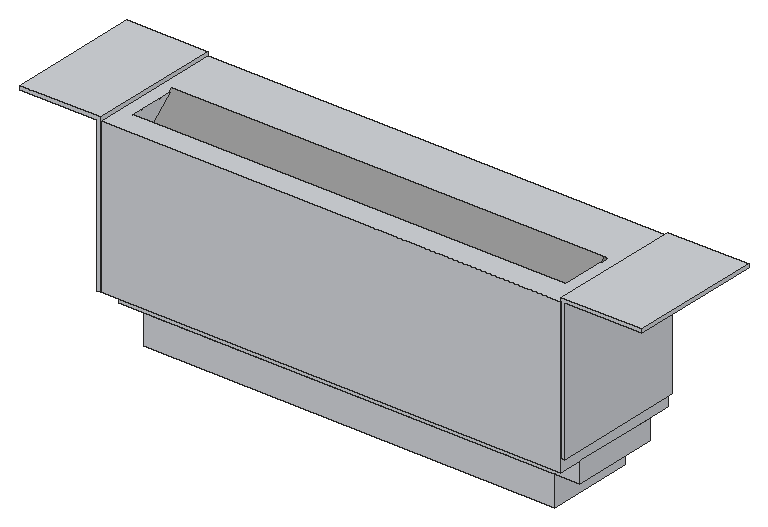
Revit family "2061262 Sylvania Lighting Fixture DOMINO 5xLED 930 OPAL AY TRIMLESS WHITE", category Lighting Fixtures, host Face, Revit 2018
Family settings
  Host = Face
  Round Connector Dimension = Use Diameter
  Part Type = Normal
  OmniClass Number = 23.80.70.00
  OmniClass Title = Lighting
  Cut with Voids When Loaded = No
  Light Source = Yes
  Shared = No
  Room Calculation Point = No
Parameters (values of type "2061262 DOMINO 5XLED 930 OPAL ASYM TS WHT ")
  top top width = 15.812 mm
  top top length = 123 mm
  Width = 50 mm
  Weight = "n/a"
  Wattage Comments = ""
  Wattage = 9.2903 W
  WarrantyStartDate [instance] = "n/a"
  WarrantyGuarantorParts = "n/a"
  WarrantyDurationUnit = "n/a"
  WarrantyDurationParts = ""
  WarrantyDescription = "http://www.sylvania-lighting.com"
  built-in parameter 1150110 = 1 (stored number, unit not read)
  Voltage = 0 V
  URL = "0.6"
  TypeName = "DOMINO 5xLED 930 OPAL AY TRIMLESS WHITE"
  Type Image = <None>
  Type Comments = "n/a"
  built-in parameter 1114217 = 1 (stored number, unit not read)
  Top Width = 26 mm
  Tilt Angle = 90.00°
  built-in parameter 1150109 = 1 (stored number, unit not read)
  built-in parameter 1150134 = 3
  built-in parameter 1150113 = 1 (stored number, unit not read)
  SerialNumber [instance] = "n/a"
  Recessed Width = 43 mm
  Recessed Length = 143 mm
  Photometric Web File = "2061262.ies"
  Material_3_FEILO = none
  PowerFactor = 0
  PowerConsumption = "Lighting"
  NominalLength = 41 mm
  NominalHeight = 0 mm
  NominalDepth = 0 mm
  Name = "DOMINO 5xLED 930 OPAL AY TRIMLESS WHITE"
  ModelReference = Name  # "DOMINO 5xLED 930 OPAL AY TRIMLESS WHITE"
  ModelNumber = "2061262"
  Model = Name  # "DOMINO 5xLED 930 OPAL AY TRIMLESS WHITE"
  Material = "Feilo Sylvania"
  ManufacturerName = "56 lm/W"
  Manufacturer = ""
  LuminousEfficacy = ""
  built-in parameter 1150105 = 109.82 (stored number, unit not read)
  Lumens = 1380 lm
  LuminaireType = "0"
  built-in parameter 1150115 = 1 (stored number, unit not read)
  LightOutputRatio = "LED"
  built-in parameter 1150137 = (empty or 0)
  built-in parameter 1150139 = (empty or 0)
  Lens inside recess = 25 mm
  Lens Width = 32 mm
  Lens Outside recess = 31.978 mm
  Lens = Glass, White, High Luminance
  Length = 148 mm
  LampsType = Lamp  # "n/a"
  LampNominalLuminous = "3000 K"
  LampMacAdamStep = "90"
  LampColourTemperature = "LED"
  LampColourRenderingIndex = "16500"
  built-in parameter 1150112 = 1 (stored number, unit not read)
  built-in parameter 1150114 = 1 (stored number, unit not read)
  Lamp = "n/a"
  Keynote = "n/a"
  InstallationDate [instance] = "n/a"
  InputVoltage = "0"
  InputNominalFrequency = "3000"
  built-in parameter 1150132 = (empty or 0)
  built-in parameter 1150102 = (empty or 0)
  built-in parameter 1150107 = 3200 (stored number, unit not read)
  built-in parameter 1150138 = (empty or 0)
  IngressProtection = "IfcLightFixtureType"
  ImpactProtectionIndex = "IfcLightFixtureType"
  built-in parameter 1150106 = 1.0982 (stored number, unit not read)
  IfcExportType = "IfcLightFixtureType"
  IfcExportAs = "Class II"
  Facia internal width = 37 mm
  Facia internal length = 135 mm
  Facia Height = 2 mm
  ExpectedLife = 50000
  ElectricShockClassification = "56"
  built-in parameter 1150104 = 13.8 (stored number, unit not read)
  DurationUnit = "hours"
  DocumentationLiterature = "http://www.sylvania-lighting.com/product/en-int/products/2061262"
  DimmingControlOptions = "n/a"
  Material_2_FEILO = none
  Dimming Lamp Color Temperature Shift = <None>
  Description = "Modular LED recessed linear spotlight, ideal for retail and hospitality applications. Die-cast aluminium body, passive cooling. Two levels of reflector installation, low glaring. 5x LED source, asymmetric beam angle , optics: PMMA lens and polycarbonate reflector combination, opaline diffuser. Light color temperature: 3000K warm white, total system power: 13W , total fixture lumen output: 720lm, efficacy: 56 lm/W, Ra90 typical, LED chromacity: 3 step MacAdam ellipse (SDCM3), lifespan: 96,000 hours at 90% of the original output (L90B10), IR/UV free light source without heat radiation, operating voltage: 220-240V / 50-60Hz, electronic driver, ultra low flicker, non-dimmable , electrical protection: Class II. Degree of Protection: IP40/IP20, suitable for indoor environment only. Ceiling cut-out: 42x42mm, outer dimensions:  144x41mm , trimless frame RAL 9016 - Traffic white / Bezel color.5 years Warranty."
  Default Elevation = 1219.2 mm
  CreatedOn = "23/02/2021"
  CreatedBy = "@sylvania-lighting.com"
  Cost = 0
  Color Filter = 16777215
  built-in parameter 1114216 [instance] = (empty or 0)
  ClassificationValue = "EF_70_80"
  ClassificationName = "Uniclass2015"
  Material_1_FEILO = none
  Body Width = 40 mm
  Body Length = 138 mm
  BarCode [instance] = "n/a"
  built-in parameter 1114218 = 1 (stored number, unit not read)
  built-in parameter 1150133 = 10 (stored number, unit not read)
  AssetType = "Fixed"
  AssetIdentifier [instance] = "n/a"
  Assembly Code = "D5020200"
  Apparent Load = 13 VA
  Material_4_FEILO = none
Reference planes
  plane 1 "Center (Front/Back)": y = 0
  plane 2: z = 0
  plane 3 "Center (Left/Right)": x = 0
  plane 4: z = 0
  plane 5: z = -7
  plane 6: z = -45.895
  plane 7: z = -51.895
  plane 8: z = -60.895
  plane 9: x = -71.5
  plane 10: x = 71.5
  plane 11: y = 21.5
  plane 12: y = -21.5
  plane 13: x = -74
  plane 14: x = 74
  plane 15: y = 25
  plane 16: y = -25
  plane 17: x = 67.5
  plane 18: x = -67.5
  plane 19: y = 18.5
  plane 20: y = -18.5
  plane 21: z = 2
  plane 22: x = -69
  plane 23: x = 69
  plane 24: y = 20
  plane 25: y = -20
  plane 26: y = 13
  plane 27: y = -13
  plane 28: x = 61.5
  plane 29: x = -61.5
  plane 30: x = -65.5
  plane 31: y = 16.5
  plane 32: y = -16.472
  plane 33: x = -40.5
  plane 34: x = -41
  plane 35: x = -65
  plane 36: y = 13
  plane 37: y = -12.972
  plane 38: x = -39.5
  plane 39: x = -14.48
  plane 40: x = -13.48
  plane 41: x = 11.52
  plane 42: x = 12.52
  plane 43: x = 37.52
  plane 44: x = 38.52
  plane 45: x = 64.5
  plane 46: x = -72.5
  plane 47: z = 1
  plane 48: x = -93
  plane 49: z = -42
  plane 50: x = -70
  plane 51: x = 93
  plane 52: x = 70
  plane 53: y = 6
  plane 54: y = -5.5
Forms (mm)
  Extrusion 1, solid, not visible, detail levels medium+fine
    sketch origin (4.2, 0, 0) x (1, 0, 0) y (0, 1, 0)
      loop
        line (-29.2, 34.5) -> (-29.2, -34.5) -> (20.8, -34.5) -> (20.8, 34.5) -> (-29.2, 34.5)
    from 0 to 1
  Extrusion 2, solid, not visible, detail levels medium+fine
    sketch origin (4.044, 0, 0) x (1, 0, 0) y (0, 1, 0)
      loop
        line (-29.2, 34.5) -> (-29.2, -34.5) -> (20.8, -34.5) -> (20.8, 34.5) -> (-29.2, 34.5)
    from 0 to 1
  Blend 3, solid, not visible, detail levels medium+fine
    base sketch origin (4.2, 0, 0) x (1, 0, 0) y (0, 1, 0)
      loop
        line (-29.2, 34.5) -> (-29.2, -34.5) -> (20.8, -34.5) -> (20.8, 34.5) -> (-29.2, 34.5)
    top sketch origin (4.2, 0, 0) x (1, 0, 0) y (0, 1, 0)
      loop
        line (-21.7, 28) -> (-21.7, -28) -> (13.3, -28) -> (13.3, 28) -> (-21.7, 28)
    from 1 to 3
  Extrusion 4, solid, not visible, detail levels medium+fine
    sketch origin (3.419, 0, 0) x (1, 0, 0) y (0, 1, 0)
      loop
        line (-29.2, 34.5) -> (-29.2, -34.5) -> (20.8, -34.5) -> (20.8, 34.5) -> (-29.2, 34.5)
    from 0 to 1
  Blend 5, solid, not visible, detail levels medium+fine
    base sketch origin (3.575, 0, 0) x (1, 0, 0) y (0, 1, 0)
      loop
        line (-29.2, 34.5) -> (-29.2, -34.5) -> (20.8, -34.5) -> (20.8, 34.5) -> (-29.2, 34.5)
    top sketch origin (3.575, 0, 0) x (1, 0, 0) y (0, 1, 0)
      loop
        line (-21.7, 28) -> (-21.7, -28) -> (13.3, -28) -> (13.3, 28) -> (-21.7, 28)
    from 1 to 3
  Extrusion 6, solid, not visible, detail levels medium+fine
    sketch origin (4.247, 0, 0) x (1, 0, 0) y (0, 1, 0)
      loop
        line (-29.2, 34.5) -> (-29.2, -34.5) -> (20.8, -34.5) -> (20.8, 34.5) -> (-29.2, 34.5)
    from 0 to 1
  Blend 7, solid, not visible, detail levels medium+fine
    base sketch origin (4.403, 0, 0) x (1, 0, 0) y (0, 1, 0)
      loop
        line (-29.2, 34.5) -> (-29.2, -34.5) -> (20.8, -34.5) -> (20.8, 34.5) -> (-29.2, 34.5)
    top sketch origin (4.403, 0, 0) x (1, 0, 0) y (0, 1, 0)
      loop
        line (-21.7, 28) -> (-21.7, -28) -> (13.3, -28) -> (13.3, 28) -> (-21.7, 28)
    from 1 to 3
  Extrusion 8, void, detail levels medium+fine
    sketch origin (4.2, 0, 0) x (0, 1, 0) y (1, 0, 0)
      loop
        line (21.5, -75.7) -> (21.5, 67.3) -> (-21.5, 67.3) -> (-21.5, -75.7) -> (21.5, -75.7)
    from -9.934 to 83.097
  Extrusion 9, solid, detail levels medium+fine
    sketch origin (4.2, 0, 0) x (1, 0, 0) y (0, 1, 0)
      loop
        line (-73.2, 20) -> (-73.2, -20) -> (64.8, -20) -> (64.8, 20) -> (-73.2, 20)
    from 0 to -45.895
  Extrusion 10, solid, detail levels medium+fine
    sketch origin (4.2, 0, 0) x (1, 0, 0) y (0, 1, 0)
      loop
        line (-73.2, 13) -> (-73.2, -13) -> (64.8, -13) -> (64.8, 13) -> (-73.2, 13)
    from -51.895 to -45.895
  Extrusion 11, solid, detail levels fine
    sketch origin (0, 0, 0) x (1, 0, 0) y (0, 0, 1)
      loop
        line (-61.5, -51.895) -> (-61.5, -60.895) -> (61.5, -60.895) -> (61.5, -51.895) -> (-61.5, -51.895)
    from -13 to 13
  Blend 12, void
    base sketch origin (109.343, -0.141, 0) x (0, 1, 0) y (-1, 0, 0)
      loop
        line (6.141, 174.343) -> (-15.422, 174.343) -> (-15.422, 44.843) -> (6.141, 44.843) -> (6.141, 174.343)
    top sketch origin (109.343, -0.141, 0) x (0, 1, 0) y (-1, 0, 0)
      loop
        line (-5.52, 174.343) -> (-6.359, 174.343) -> (-6.359, 44.843) -> (-5.52, 44.843) -> (-5.52, 174.343)
    from 3 to -7
  Extrusion 13, solid, detail levels coarse
    sketch origin (4.2, 0, 0) x (1, 0, 0) y (0, 1, 0)
      loop
        line (-97.2, 20) -> (-97.2, -20) -> (88.8, -20) -> (88.8, 20) -> (-97.2, 20)
    from 1 to -60.895
  Extrusion 14, solid, detail levels medium+fine
    sketch origin (0, 0, 0) x (1, 0, 0) y (0, 0, 1)
      loop
        line (-69, -45.895) -> (-69, 1) -> (-93, 1) -> (-93, 0) -> (-70, 0) -> (-70, -45.895) -> (-69, -45.895)
    from -20 to 20
  Extrusion 15, solid, detail levels medium+fine
    sketch origin (0, 0, 0) x (1, 0, 0) y (0, 0, 1)
      loop
        line (93, 1) -> (69, 1) -> (69, -42) -> (70, -42) -> (70, 0) -> (93, 0) -> (93, 1)
    from -20 to 20
  Extrusion 16, solid, material "Glass, White, High Luminance" <- "Lens", detail levels fine
    sketch origin (319, 1524, 1219.2) x (0, 1, 0) y (0, 0, 1)
      loop
        line (-1529.647, -1226.19) -> (-1521.485, -1219.19) -> (-1522.14, -1218.427) -> (-1530.302, -1225.426) -> (-1529.647, -1226.19)
    from -384 to -254.5
Cuts and joins
  Blend 12 cuts Extrusion 9
Dimensions and locks
  "Recessed Length": plane 9 to plane 10
  equal spacing: plane 9, plane 3 "Center (Left/Right)", plane 10
  "Length": plane 13 to plane 14
  equal spacing: plane 13, plane 3 "Center (Left/Right)", plane 14
  "Recessed Width": plane 11 to plane 12
  equal spacing: plane 11, plane 1 "Center (Front/Back)", plane 12
  "Width": plane 15 to plane 16
  equal spacing: plane 15, plane 1 "Center (Front/Back)", plane 16
  "Facia internal length": plane 18 to plane 17
  equal spacing: plane 18, plane 3 "Center (Left/Right)", plane 17
  "Facia internal width": plane 19 to plane 20
  equal spacing: plane 19, plane 1 "Center (Front/Back)", plane 20
  "Facia Height": plane 21 to host face
  "Body Length": plane 22 to plane 23
  equal spacing: plane 22, plane 3 "Center (Left/Right)", plane 23
  "Body Width": plane 24 to plane 25
  equal spacing: plane 24, plane 1 "Center (Front/Back)", plane 25
  "Top Width": plane 26 to plane 27
  equal spacing: plane 26, plane 1 "Center (Front/Back)", plane 27
  "top top length": plane 29 to plane 28
  equal spacing: plane 29, plane 3 "Center (Left/Right)", plane 28  (x2)
  plane 28 to plane 29 = 123 mm
  equal spacing: plane 28, plane 3 "Center (Left/Right)", plane 29
  aligned and locked: plane 2 to host face
  aligned and locked: level to host face
  aligned and locked: Extrusion 10 to plane 7
  aligned and locked: Extrusion 9 to plane 6
Automatic sketch dimensions
  Extrusion 1 sketch curve to Extrusion 1 sketch curve = 50 mm
  Extrusion 1 sketch curve to Extrusion 1 sketch curve = 69 mm
  Extrusion 2 sketch curve to Extrusion 2 sketch curve = 50 mm
  Extrusion 2 sketch curve to Extrusion 2 sketch curve = 69 mm
  Blend 3 sketch curve to Blend 3 sketch curve = 50 mm
  Blend 3 sketch curve to Blend 3 sketch curve = 69 mm
  Blend 3 sketch curve to Blend 3 sketch curve = 35 mm
  Blend 3 sketch curve to Blend 3 sketch curve = 56 mm
  Extrusion 4 sketch curve to Extrusion 4 sketch curve = 50 mm
  Extrusion 4 sketch curve to Extrusion 4 sketch curve = 69 mm
  Blend 5 sketch curve to Blend 5 sketch curve = 50 mm
  Blend 5 sketch curve to Blend 5 sketch curve = 69 mm
  Blend 5 sketch curve to Blend 5 sketch curve = 35 mm
  Blend 5 sketch curve to Blend 5 sketch curve = 56 mm
  Extrusion 6 sketch curve to Extrusion 6 sketch curve = 50 mm
  Extrusion 6 sketch curve to Extrusion 6 sketch curve = 69 mm
  Blend 7 sketch curve to Blend 7 sketch curve = 50 mm
  Blend 7 sketch curve to Blend 7 sketch curve = 69 mm
  Blend 7 sketch curve to Blend 7 sketch curve = 35 mm
  Blend 7 sketch curve to Blend 7 sketch curve = 56 mm
  host sketch curve to host sketch curve = 2438.4 mm  (x2)
  Extrusion 8 sketch curve to plane 9 = 0 mm
  Extrusion 8 sketch curve to plane 12 = 0 mm
  Extrusion 8 sketch curve to plane 11 = 0 mm
  Extrusion 8 sketch curve to plane 10 = 0 mm
  Extrusion 9 sketch curve to plane 22 = 0 mm
  Extrusion 9 sketch curve to plane 23 = 0 mm
  Extrusion 9 sketch curve to plane 25 = 0 mm
  Extrusion 9 sketch curve to plane 24 = 0 mm
  Extrusion 10 sketch curve to plane 22 = 0 mm
  Extrusion 10 sketch curve to plane 23 = 0 mm
  Extrusion 10 sketch curve to plane 27 = 0 mm
  Extrusion 10 sketch curve to plane 26 = 0 mm
  Extrusion 11 sketch curve to plane 8 = 0 mm
  Extrusion 11 sketch curve to plane 29 = 0 mm
  Extrusion 11 sketch curve to plane 28 = 0 mm
  Extrusion 11 sketch curve to plane 7 = 0 mm
  Extrusion 13 sketch curve to plane 13 = 19 mm
  plane 14 to Extrusion 13 sketch curve = 19 mm
  plane 16 to Extrusion 13 sketch curve = 5 mm
  Extrusion 13 sketch curve to plane 15 = 5 mm
  Extrusion 14 sketch curve to level = 0 mm
  Extrusion 14 sketch curve to plane 48 = 0 mm
  Extrusion 14 sketch curve to plane 50 = 0 mm
  Extrusion 14 sketch curve to plane 6 = 0 mm
  Extrusion 14 sketch curve to plane 22 = 0 mm
  Extrusion 14 sketch curve to plane 47 = 0 mm
  Extrusion 15 sketch curve to plane 23 = 0 mm
  Extrusion 15 sketch curve to plane 49 = 0 mm
  Extrusion 15 sketch curve to plane 52 = 0 mm
  Extrusion 15 sketch curve to plane 47 = 0 mm
  Extrusion 15 sketch curve to plane 51 = 0 mm
  Extrusion 15 sketch curve to level = 0 mm
  Blend 12 sketch curve to plane 35 = 0 mm  (x2)
  Blend 12 sketch curve to plane 45 = 0 mm  (x2)
  Blend 12 sketch curve to plane 53 = 0 mm
  plane 32 to Blend 12 sketch curve = 0.909 mm
  Blend 12 sketch curve to plane 54 = 1 mm
  Blend 12 sketch curve to plane 54 = 0.161 mm
  plane 5 to Extrusion 16 sketch curve = 0.01 mm
  Extrusion 16 sketch curve to plane 54 = 0.147 mm
  Extrusion 16 sketch curve to plane 47 = 0.227 mm
  Extrusion 16 sketch curve to plane 1 "Center (Front/Back)" = 1.86 mm
  level to Extrusion 16 sketch curve = 0.01 mm
Connectors
  electrical at (0, 0, -60.895)
    settings: on Extrusion 11, index 1, voltage 0 V, apparent load 0 VA, apparent load phase1 0 VA, apparent load phase2 0 VA, apparent load phase3 0 VA, power factor 1, load classification "Other", number of poles 1, system type 31, power factor state 1, is connector primary yes, connector utility no, sub classification motor no, connector description ""
